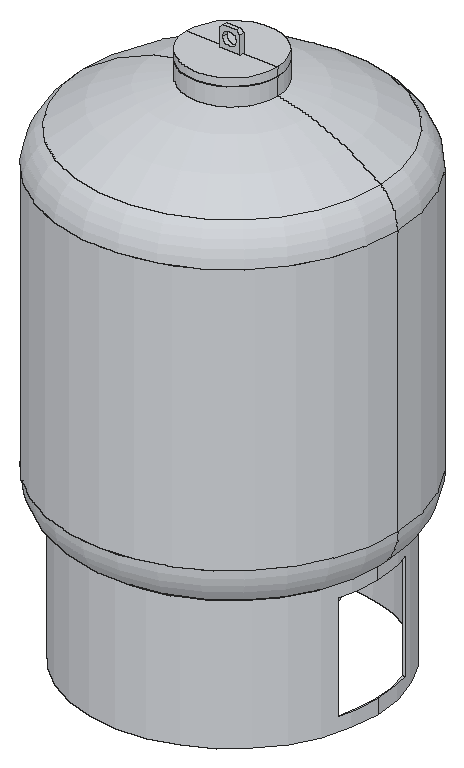
Revit family
Parameters (values of type "WX-456 150# W.P. 10 BAR")
  Weight = "1184 lbs"
  Tank Volume = "422 Gal"
  Tank Only = 63.125"
  Tank Height/Length = 78.875"
  Tank Diameter = "48"
  Pipe Connector Diameter = Pipe Connection Radius * 2  # 3.000"
  Pipe Connection Radius = 1.500"
  Model = "WX-456"
  Maximum Acceptance Volume = "274 Gal"
  Max Operating Temp = "240 Deg F"
  Max Operating Pressure = "150 PSI"
  Manufacturer = "Amtrol"
  Lifting Ring Location = Tank Only / 2  # 31.5625"
  Floor to Elbow Centerline = 7.125"
  Floor to Bottom of Tank = 12.500"
  Bladder/Diaphragm = "Bladder"
  ASME = no
Types (3): name | Weight | Tank Volume | Tank Only | Tank Height/Length | Model | Maximum Acceptance Volume | Lifting Ring Location
  (no name) | "1184 lbs" | "422 Gal" | 63.125" | 78.875" | "WX-456" | "274 Gal" | 31.5625"
  WX-456 150# W.P. 10 BAR | "1184 lbs" | "422 Gal" | 63.125" | 78.875" | "WX-456" | "274 Gal" | 31.5625"
  WX-457 150# W.P. 10 BAR | "1335 lbs" | "528 Gal" | 78.500" | 94.250" | "WX-457" | "373 Gal" | 39.250"
Reference planes (in)
  plane 1 "Center (Front/Back)": y = 0
  plane 2: z = 0
  plane 3 "Center (Left/Right)": x = 0
Forms (in)
  Revolve 1, solid
    sketch origin (0, 0, 0) x (1, 0, 0) y (0, 0, 1)
      loop
        arc (21.44792, 65.05553) -> (11.32825, 70.37355) -> (0, 71.90974) r 32.91716
        line (0, 71.90974) -> (0, 8.78474)
        arc (0, 8.78474) -> (11.37188, 10.40671) -> (21.49399, 15.83746) r 32.917
        arc (21.49399, 15.83746) -> (23.3404, 18.13371) -> (23.99993, 21.00548) r 6.582
        line (23.99993, 21.00548) -> (23.99993, 60.04693)
        arc (23.99993, 60.04693) -> (23.28548, 62.83736) -> (21.44792, 65.05553) r 6.58224
      axis (0, 8.78474) -> (0, 71.90974)
    angle from 0 to 360
  Revolve 2, solid
    sketch origin (0, 0, 0) x (1, 0, 0) y (0, 0, 1)
      loop
        line (0, 75.15974) -> (0, 71.40764) -> (6.625, 71.40764) -> (6.625, 73.90974) -> (0.95512, 73.90974) -> (0.95512, 74.03474) -> (6.625, 74.03474) -> (6.625, 75.15974) -> (0, 75.15974)
      axis (0, 71.40764) -> (0, 75.15974)
    angle from 0 to 360
  Revolve 3, solid
    sketch origin (0, 0, 0) x (1, 0, 0) y (0, 0, 1)
      loop
        line (14.4359, 8.05952) -> (14.33884, 8.42174) -> (13.97054, 8.32305) -> (13.87349, 8.68528) -> (14.24179, 8.78396) -> (14.14473, 9.14618) -> (12.69584, 8.75796) -> (12.04879, 11.17277) -> (9.27176, 10.42867) -> (10.20997, 6.92718) -> (14.4359, 8.05952)
      axis (10.20997, 6.92718) -> (9.27176, 10.42867)
    angle from 0 to 360
  Revolve 4, solid
    sketch origin (0, 0, 0) x (1, 0, 0) y (0, 0, 1)
      loop
        line (11.87266, 5.82482) -> (11.87266, 8.01263) -> (10.20997, 8.01263) -> (10.20997, 5.82482) -> (11.87266, 5.82482)
      axis (10.20997, 5.82482) -> (10.20997, 8.01263)
    angle from 0 to 360
  Revolve 5, solid
    sketch origin (0, 0, 0) x (1, 0, 0) y (0, 0, 1)
      loop
        line (-21, -3.71526) -> (-20.814, -3.71526) -> (-20.814, 16.03474) -> (-21, 16.03474) -> (-21, -3.71526)
      axis (0, -3.71526) -> (0, 16.03474)
    angle from 0 to 360
  Extrusion 6, void
    sketch origin (0, 0, 0) x (0, 1, 0) y (0, 0, 1)
      loop
        line (6, -1.71526) -> (6, 13.74272) -> (-6, 13.74272) -> (-6, -1.71526) -> (6, -1.71526)
    from 18.98012 to 36.62147
  Sweep 7, solid
    path origin (0, 0, 0) x (1, 0, 0) y (0, 0, 1)
      loop
        line (10.20997, 6.82974) -> (10.20997, 6.22574)
        arc (10.20997, 6.22574) -> (11.03476, 4.23453) -> (13.02597, 3.40974) r 2.816
        line (13.02597, 3.40974) -> (13.65097, 3.40974)
    profile origin (10.20997, 0, 6.52774) x (0, -1, 0) y (1, 0, 0)
      loop
        circle (0, 0) r 2
  Extrusion 8, void
    sketch origin (0, 0, 0) x (0, 1, 0) y (0, 0, 1)
      loop
        line (3, 13.74272) -> (-3, 13.74272) -> (-3, 6.99272) -> (3, 6.99272) -> (3, 13.74272)
    from -18.87223 to -29.70163
  Extrusion 9, solid
    sketch origin (0, 0, 0) x (1, 0, 0) y (0, 0, 1)
      loop
        line (-1, 78.15974) -> (-1.5, 77.65974) -> (-1.5, 74.90974) -> (1.5, 74.90974) -> (1.5, 77.65974) -> (1, 78.15974) -> (-1, 78.15974)
      loop
        circle (0, 76.65429) r 1.00526
    from -0.17995 to 0.45715
  Sweep 10, solid
    path origin (0, 0, 0) x (1, 0, 0) y (0, 0, 1)
      loop
        line (-23.88485, 42.09163) -> (-24.88485, 42.09163)
        arc (-24.88485, 42.09163) -> (-26.63485, 40.34163) -> (-24.88485, 38.59163) r 1.75
        line (-24.88485, 38.59163) -> (-23.88485, 38.59163)
    profile origin (-24.38485, 0, 42.09163) x (0, 0, -1) y (0, -1, 0)
      loop
        circle (0, 0) r 0.25
Cuts and joins
  Extrusion 6, Extrusion 8 cuts Revolve 1
  Extrusion 6, Extrusion 8 cuts Revolve 3
  Extrusion 6, Extrusion 8 cuts Revolve 5
  Extrusion 8 cuts Revolve 4
Lines and regions (in)
  reference lines
    curve 1: line (0, 0, 8.77913) -> (-0.75, 0, 8.77913)
Dimensions and locks (in)
  "Tank Only": Revolve 1 sketch curve to Revolve 1 sketch curve
  "Floor to Bottom of Tank": Revolve 1 sketch curve to level
  Revolve 1 sketch curve to Revolve 1 sketch curve = 26.33492"
  plane 3 "Center (Left/Right)" to Revolve 5 sketch curve = 21.000"
  "Floor to Elbow Centerline": Sweep 7 sketch curve to level
  Revolve 2 sketch curve to cut or joined group of Revolve 1, Extrusion 6, Extrusion 8 = 11.36071"
  Extrusion 9 sketch curve to Revolve 2 = 0.875"
  "Tank Height/Length": Revolve 2 sketch curve to cut or joined group of Revolve 5, Extrusion 6, Extrusion 8
  "Lifting Ring Location": Sweep 10 sketch curve to curve 1
  radius of Revolve 1 sketch curve = 32.91716"
  radius of Revolve 1 sketch curve = 6.58224"
  radius of Revolve 1 sketch curve = 6.582"
  radius of Revolve 1 sketch curve = 32.917"
  aligned and locked: plane 1 "Center (Front/Back)" to import instance
  aligned and locked: plane 3 "Center (Left/Right)" to import instance
Automatic sketch dimensions
  Revolve 1 sketch curve to plane 3 "Center (Left/Right)" = 0.000"  (x2)
  plane 3 "Center (Left/Right)" to Revolve 1 sketch curve = 1.10933"
  plane 3 "Center (Left/Right)" to Revolve 1 sketch curve = 1.30799"
  Revolve 1 sketch curve to Revolve 1 sketch curve = 6.57927"
  Revolve 1 sketch curve to Revolve 1 sketch curve = 2.55201"
  Revolve 1 sketch curve to Revolve 1 sketch curve = 2.50593"
  Revolve 1 sketch curve to Revolve 1 sketch curve = 0.000"
  Revolve 1 sketch curve to Revolve 1 sketch curve = 11.04666"
  plane 3 "Center (Left/Right)" to Revolve 3 sketch curve = 9.08209"
  Revolve 3 sketch curve to Revolve 3 sketch curve = 0.18966"
  Revolve 3 sketch curve to Revolve 3 sketch curve = 0.000"  (x2)
  Revolve 3 sketch curve to Revolve 3 sketch curve = 2.77704"
  Revolve 3 sketch curve to Revolve 3 sketch curve = 0.64705"
  Revolve 3 sketch curve to Revolve 3 sketch curve = 1.17765"
  Revolve 3 sketch curve to Revolve 3 sketch curve = 0.09706"  (x3)
  Revolve 3 sketch curve to Revolve 3 sketch curve = 0.27124"
  level to Revolve 3 sketch curve = 11.77478"
  Revolve 3 sketch curve to Revolve 3 sketch curve = 0.70783"
  level to Revolve 3 sketch curve = 10.64244"
  Revolve 3 sketch curve to Revolve 3 sketch curve = 2.48587"
  plane 3 "Center (Left/Right)" to Revolve 4 sketch curve = 10.20997"
  Revolve 4 sketch curve to Revolve 4 sketch curve = 0.000"  (x2)
  Revolve 4 sketch curve to Revolve 4 sketch curve = 1.66268"
  level to Revolve 4 sketch curve = 9.54007"
  Revolve 4 sketch curve to Revolve 4 sketch curve = 2.18782"
  Revolve 4 sketch curve to Revolve 4 sketch curve = 1.56218"
  Revolve 5 sketch curve to level = 0.000"  (x2)
  Revolve 5 sketch curve to plane 3 "Center (Left/Right)" = 0.000"
  Revolve 5 sketch curve to Revolve 5 sketch curve = 0.186"
  level to Revolve 5 sketch curve = 19.750"
  Revolve 5 sketch curve to Revolve 5 sketch curve = 12.250"
  level to Extrusion 6 sketch curve = 2.000"
  plane 1 "Center (Front/Back)" to Extrusion 6 sketch curve = 6.000"
  Extrusion 6 sketch curve to plane 1 "Center (Front/Back)" = 6.000"
  Extrusion 6 sketch curve to Extrusion 6 sketch curve = 15.45798"
  plane 3 "Center (Left/Right)" to Sweep 7 sketch curve = 10.20997"
  Sweep 7 sketch curve to Sweep 7 sketch curve = 2.816"
  Sweep 7 sketch curve to Sweep 7 sketch curve = 0.625"
  Sweep 7 sketch curve to Sweep 7 sketch curve = 0.604"
  plane 1 "Center (Front/Back)" to Sweep 7 sketch curve = 0.000"
  Sweep 7 sketch curve to profile plane = 0.000"
  plane 1 "Center (Front/Back)" to Extrusion 8 sketch curve = 3.000"
  Extrusion 8 sketch curve to plane 1 "Center (Front/Back)" = 3.000"
  level to Extrusion 8 sketch curve = 10.70798"
  Extrusion 8 sketch curve to Extrusion 8 sketch curve = 6.750"
  Revolve 2 sketch curve to plane 3 "Center (Left/Right)" = 0.000"  (x2)
  plane 3 "Center (Left/Right)" to Revolve 2 sketch curve = 0.95512"
  Revolve 2 sketch curve to Revolve 2 sketch curve = 5.66988"
  Revolve 2 sketch curve to Revolve 2 sketch curve = 0.000"  (x2)
  Revolve 2 sketch curve to Revolve 2 sketch curve = 0.125"
  Revolve 2 sketch curve to Revolve 2 sketch curve = 1.125"
  Revolve 2 sketch curve to Revolve 2 sketch curve = 3.82248"
  Extrusion 9 sketch curve to plane 3 "Center (Left/Right)" = 0.000"
  Extrusion 9 sketch curve to plane 3 "Center (Left/Right)" = 1.000"
  Extrusion 9 sketch curve to plane 3 "Center (Left/Right)" = 1.500"
  plane 3 "Center (Left/Right)" to Extrusion 9 sketch curve = 1.000"
  Extrusion 9 sketch curve to Extrusion 9 sketch curve = 0.500"  (x2)
  Extrusion 9 sketch curve to Extrusion 9 sketch curve = 1.74455"
  Extrusion 9 sketch curve to Extrusion 9 sketch curve = 1.00545"  (x2)
  curve 1 to plane 3 "Center (Left/Right)" = 0.000"
  curve 1 to curve 1 = 0.750"
  plane 2 to curve 1 = 8.77913"
  Sweep 10 sketch curve to plane 3 "Center (Left/Right)" = 24.88485"
  Sweep 10 sketch curve to Sweep 10 sketch curve = 1.000"  (x2)
  Sweep 10 sketch curve to Sweep 10 sketch curve = 1.750"
  Sweep 10 sketch curve to plane 1 "Center (Front/Back)" = 0.000"
  Sweep 10 sketch curve to profile plane = 0.000"
  radius of Sweep 7 sketch curve = 2.000"
  radius of Extrusion 9 sketch curve = 1.00526"
  radius of Sweep 10 sketch curve = 0.250"
Connectors (in)
  piping at (13.65097, 0, 3.40974), driven by "Pipe Connection Radius"
    settings: on Sweep 7, index 1
